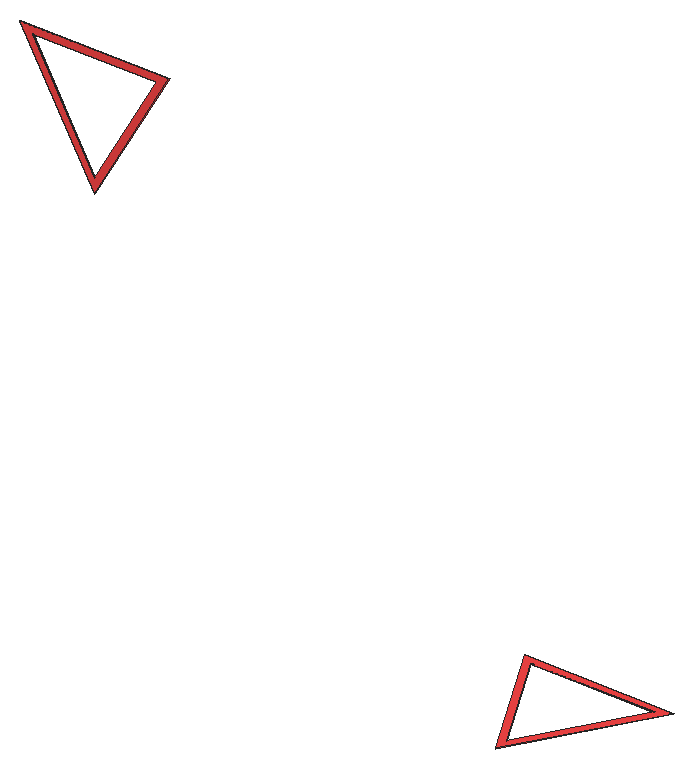
Revit family "FRW_Shared", category Generic Models, Revit 2025
Family settings
  Can host rebar = No
  Round Connector Dimension = Use Diameter
  Part Type = Normal
  Work Plane-Based = Yes
  Always vertical = Yes
  Cut with Voids When Loaded = No
  Maintain Annotation Orientation = No
  Shared = Yes
  Room Calculation Point = No
Parameters (values of type "FRW_Main")
  symbol_H [instance] = 1500 mm
  notes = "this is a shared family for all plot 9"
  H symbol offset [instance] = 700 mm
  Default Elevation = 1219.2 mm
Reference planes
  plane 1 "Center (Front/Back)": y = 0
  plane 2: z = 0
  plane 3 "Center (Left/Right)": x = 0
  plane 4: z = 1500
  plane 5: y = 700
Forms (mm)
  Extrusion 1, solid, not visible
    sketch origin (349.558, -482.168, 0) x (1, 0, 0) y (0, 1, 0)
      loop
        line (-392.058, 524.668) -> (-392.058, 439.668) -> (-307.058, 439.668) -> (-307.058, 524.668) -> (-392.058, 524.668)
    from 0 to 4500
Dimensions and locks
  "H symbol offset": plane 1 "Center (Front/Back)" to plane 5
  "symbol_H": plane 2 to plane 4
  plane 2 to nested 5 = 500 mm
  aligned and locked: plane 2 to level
  aligned and locked: plane 3 "Center (Left/Right)" to nested 1
  aligned and locked: plane 3 "Center (Left/Right)" to nested 2
  aligned and locked: plane 3 "Center (Left/Right)" to nested 3
  aligned and locked: nested 3 to plane 4
  aligned and locked: nested 4 to plane 4
  aligned and locked: plane 3 "Center (Left/Right)" to nested 4
  aligned and locked: plane 3 "Center (Left/Right)" to nested 5
  aligned and locked: nested 5 to plane 5
  aligned and locked: nested 6 to plane 5
  aligned and locked: plane 3 "Center (Left/Right)" to nested 6
Automatic sketch dimensions
  Extrusion 1 sketch curve to plane 3 "Center (Left/Right)" = 42.5 mm
  plane 3 "Center (Left/Right)" to Extrusion 1 sketch curve = 42.5 mm
  plane 1 "Center (Front/Back)" to Extrusion 1 sketch curve = 42.5 mm
  Extrusion 1 sketch curve to plane 1 "Center (Front/Back)" = 42.5 mm
Nested families
  nested 1: "FRW_Symbol_COARSE" at (0, 1037.113, 0), type "DD", not visible, detail levels medium
  nested 2: "FRW_Symbol_FINE" at (0, 901.794, 0), type "DD", not visible, detail levels fine
  nested 3: "FRW_SHAPE COARSE_V" at (0, 0, 1500) x (1, 0, 0) z (0, -1, 0), type "DD", detail levels coarse+medium
  nested 4: "FRW_SHAPE FINE_V" at (0, 0, 1500) x (1, 0, 0) z (0, -1, 0), type "DD", detail levels fine
  nested 5: "FRW_SHAPE COARSE_H" at (0, 700, 500), type "DD", detail levels coarse+medium
  nested 6: "FRW_SHAPE FINE_H" at (0, 700, 500), type "DD", detail levels fine
Definition of nested family "FRW_SHAPE COARSE_V"
  Parameters (values of type "DD")
    Default Elevation = 1219.2 mm
  Reference planes
    plane 1 "Center (Front/Back)": y = 0
    plane 2: z = 0
    plane 3 "Center (Left/Right)": x = 0
  Forms (mm)
    Extrusion 1, solid
      sketch origin (0, 520, 0) x (1, 0, 0) y (0, 1, 0)
        loop
          line (259, -71.399) -> (-259, -71.399) -> (0, -520) -> (259, -71.399)
        loop
          line (181.058, -116.399) -> (-181.058, -116.399) -> (0, -430) -> (181.058, -116.399)
      from -1 to 0
  Dimensions and locks
    aligned and locked: plane 2 to level
Definition of nested family "FRW_SHAPE FINE_V"
  Parameters (values of type "DD")
    Default Elevation = 1219.2 mm
  Reference planes
    plane 1 "Center (Front/Back)": y = 0
    plane 2: z = 0
    plane 3 "Center (Left/Right)": x = 0
  Forms (mm)
    Extrusion 1, solid
      sketch origin (0, 0, 0) x (1, 0, 0) y (0, 1, 0)
        loop
          line (0, 0) -> (104, 180.133) -> (-104, 180.133) -> (0, 0)
        loop
          line (-86.679, 170.133) -> (0, 20) -> (86.679, 170.133) -> (-86.679, 170.133)
      from -1 to 0
  Dimensions and locks
    aligned and locked: plane 2 to level
Definition of nested family "FRW_SHAPE COARSE_H"
  Parameters (values of type "DD")
    Default Elevation = 1219.2 mm
  Reference planes
    plane 1 "Center (Front/Back)": y = 0
    plane 2: z = 0
    plane 3 "Center (Left/Right)": x = 0
  Forms (mm)
    Extrusion 1, solid
      sketch origin (0, 520, 0) x (1, 0, 0) y (0, 1, 0)
        loop
          line (259, -71.399) -> (-259, -71.399) -> (0, -520) -> (259, -71.399)
        loop
          line (-181.058, -116.399) -> (0, -430) -> (181.058, -116.399) -> (-181.058, -116.399)
      from -1 to 0
  Dimensions and locks
    aligned and locked: plane 2 to level
Definition of nested family "FRW_SHAPE FINE_H"
  Parameters (values of type "DD")
    Default Elevation = 1219.2 mm
  Reference planes
    plane 1 "Center (Front/Back)": y = 0
    plane 2: z = 0
    plane 3 "Center (Left/Right)": x = 0
  Forms (mm)
    Extrusion 1, solid
      sketch origin (0, 0, 0) x (1, 0, 0) y (0, 1, 0)
        loop
          line (0, 0) -> (104, 180.133) -> (-104, 180.133) -> (0, 0)
        loop
          line (86.679, 170.133) -> (-86.679, 170.133) -> (0, 20) -> (86.679, 170.133)
      from -1 to 0
  Dimensions and locks
    aligned and locked: plane 2 to level
Definition of nested family "FRW_Symbol_COARSE"
  Reference planes
    plane 1: y = 0
    plane 2: x = 0
  Lines and regions (mm)
    Filled region 1, type "FRW"
      outline origin (0, 0, 0) x (1, 0, 0) y (0, 1, 0)
        loop
          line (-1.732, 3) -> (0, 0) -> (1.732, 3) -> (-1.732, 3)
        loop
          line (1.212, 2.7) -> (-1.212, 2.7) -> (0, 0.6) -> (1.212, 2.7)
Definition of nested family "FRW_Symbol_FINE"
  Reference planes
    plane 1: y = 0
    plane 2: x = 0
  Lines and regions (mm)
    Filled region 1, type "FRW"
      outline origin (0, 6, 0) x (1, 0, 0) y (0, 1, 0)
        loop
          line (-5.196, 3) -> (0, -6) -> (5.196, 3) -> (-5.196, 3)
        loop
          line (4.33, 2.5) -> (-4.33, 2.5) -> (0, -5) -> (4.33, 2.5)
